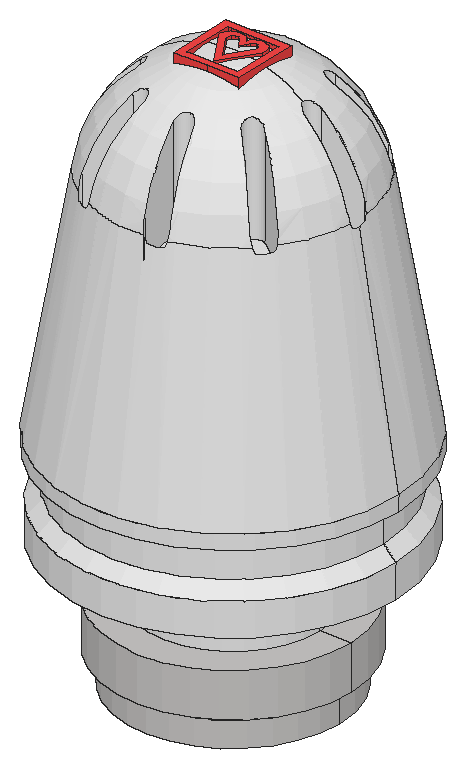
Revit family "HERZ-Mini-Turbo-Design-Thermostatic Sensor M28x1.5 9200 16", category Rohrzubehör, Revit 2018
Family settings
  Bemaßung runder Anschluss = Durchmesser verwenden
  Teiletyp = Normal
  OmniClass-Nummer = 23.65.55.14
  OmniClass-Titel = Valves for Liquid Services
  Arbeitsebenenbasiert = Nein
  Immer vertikal = Nein
  Beim Laden mit Abzugskörper schneiden = Nein
  Gemeinsam genutzt = Nein
Parameters
  URL = "www.herzvalves.com"
  Set value range = "6-28°C"  # constant formula
  S02 = 60 mm  # constant formula
  S01 = 73 mm  # constant formula
  Part number = 1920016  # constant formula
  Operation = "The HERZ thermostat serves as a sensing and control element.\r\nThe volumetric change of the liquid filling in the HERZ hydrosensor moves the thrust spindle of the valve."
  Shut off zero position = "When set to \"0\", the thermostatic valve is shut off and the frost protection is disabled."
  Hersteller = "HERZ Armaturen Ges.m.b.H."  # constant formula
  Hand wheel = "plastic, white"  # constant formula
  Frost protection = 6 °C  # constant formula
  Frost protection setpoint range = "6-28°C"  # constant formula
  Frost protection * = "When set to *, the valve automatically opens at approx.\r\n6 ° C ambient temperature and prevents the system from freezing."
  Application = "For mounting on valves that are designed for thermostatic operation"
Reference planes
  plane 1 "Mitte (Vorne/hinten)": y = 0
  plane 2: z = 0
  plane 3 "Mitte (Links/rechts)": x = 0
Forms (mm)
  Revolve 1, solid, material "Kunststoff weiß", detail levels fine
    sketch origin (0, 0, 0) x (1, 0, 0) y (0, 0, 1)
      loop
        line (0, 0) -> (0, 73)
        arc (0, 73) -> (-11.397, 68.78) -> (-17.297, 58.156) r 17.5
        arc (-17.297, 58.156) -> (-20.011, 42.065) -> (-22.88, 26) r 1681.293
        line (-22.88, 26) -> (-22.88, 24) -> (-20.75, 24) -> (-20.75, 19.25) -> (-22.5, 17.5) -> (-22.5, 13) -> (-12.8, 13)
        arc (-12.8, 13) -> (-12.234, 12.766) -> (-12, 12.2) r 0.8
        line (-12, 12.2) -> (-12, 4.8) -> (-13.2, 4.8) -> (-13.2, 0) -> (0, 0)
      axis (0, 73) -> (0, 0)
    angle from 0 to 360
  Revolve 2, solid, material "Messing verzinkt", detail levels fine
    sketch origin (0, 0, 0) x (1, 0, 0) y (0, 0, 1)
      loop
        line (0, 0) -> (0, 5.5) -> (-16.35, 5.5) -> (-16.35, -0.576) -> (-14.75, -1.5) -> (-14.75, -5) -> (-13.35, -5) -> (-13.35, 0) -> (0, 0)
      axis (0, 5.5) -> (0, -5)
    angle from 0 to 360
  Extrusion 3, void
    sketch origin (0, 0, 0) x (1, 0, 0) y (0, 1, 0)
      loop
        arc (11.027, 1.298) -> (9.8, 0) -> (11.027, -1.298) r 1.3
        line (11.027, -1.298) -> (16.77, -1.62)
        arc (16.77, -1.62) -> (17.178, -1.485) -> (17.384, -1.107) r 0.586
        arc (17.384, -1.107) -> (17.453, 0.011) -> (17.382, 1.129) r 9
        arc (17.382, 1.129) -> (17.183, 1.492) -> (16.79, 1.621) r 0.564
        line (16.79, 1.621) -> (11.027, 1.298)
      loop
        line (9.282, 6.094) -> (13.904, 9.55)
        arc (13.904, 9.55) -> (14.121, 9.902) -> (14.04, 10.308) r 0.564
        arc (14.04, 10.308) -> (13.376, 11.21) -> (12.605, 12.023) r 9
        arc (12.605, 12.023) -> (12.205, 12.18) -> (11.805, 12.021) r 0.586
        line (11.805, 12.021) -> (7.613, 8.082)
        arc (7.613, 8.082) -> (7.507, 6.299) -> (9.282, 6.094) r 1.3
      loop
        arc (0.637, 11.085) -> (1.702, 9.651) -> (3.193, 10.634) r 1.3
        line (3.193, 10.634) -> (4.508, 16.234)
        arc (4.508, 16.234) -> (4.445, 16.659) -> (4.109, 16.928) r 0.586
        arc (4.109, 16.928) -> (3.02, 17.189) -> (1.907, 17.313) r 9
        arc (1.907, 17.313) -> (1.515, 17.181) -> (1.319, 16.816) r 0.564
        line (1.319, 16.816) -> (0.637, 11.085)
      loop
        line (-4.39, 10.199) -> (-6.991, 15.351)
        arc (-6.991, 15.351) -> (-7.3, 15.626) -> (-7.713, 15.617) r 0.564
        arc (-7.713, 15.617) -> (-8.717, 15.12) -> (-9.651, 14.501) r 9
        arc (-9.651, 14.501) -> (-9.875, 14.134) -> (-9.788, 13.713) r 0.586
        line (-9.788, 13.713) -> (-6.638, 8.901)
        arc (-6.638, 8.901) -> (-4.9, 8.487) -> (-4.39, 10.199) r 1.3
      loop
        arc (-10.806, 2.552) -> (-9.209, 3.352) -> (-9.918, 4.991) r 1.3
        line (-9.918, 4.991) -> (-15.204, 7.258)
        arc (-15.204, 7.258) -> (-15.634, 7.271) -> (-15.957, 6.986) r 0.586
        arc (-15.957, 6.986) -> (-16.404, 5.959) -> (-16.719, 4.884) r 9
        arc (-16.719, 4.884) -> (-16.657, 4.475) -> (-16.332, 4.219) r 0.564
        line (-16.332, 4.219) -> (-10.806, 2.552)
      loop
        line (-10.806, -2.552) -> (-16.332, -4.219)
        arc (-16.332, -4.219) -> (-16.657, -4.475) -> (-16.719, -4.884) r 0.564
        arc (-16.719, -4.884) -> (-16.404, -5.959) -> (-15.957, -6.986) r 9
        arc (-15.957, -6.986) -> (-15.634, -7.271) -> (-15.204, -7.258) r 0.586
        line (-15.204, -7.258) -> (-9.918, -4.991)
        arc (-9.918, -4.991) -> (-9.209, -3.352) -> (-10.806, -2.552) r 1.3
      loop
        arc (9.282, -6.094) -> (7.507, -6.299) -> (7.613, -8.082) r 1.3
        line (7.613, -8.082) -> (11.805, -12.021)
        arc (11.805, -12.021) -> (12.205, -12.18) -> (12.605, -12.023) r 0.586
        arc (12.605, -12.023) -> (13.376, -11.21) -> (14.04, -10.308) r 9
        arc (14.04, -10.308) -> (14.121, -9.902) -> (13.904, -9.55) r 0.564
        line (13.904, -9.55) -> (9.282, -6.094)
      loop
        line (0.637, -11.085) -> (1.319, -16.816)
        arc (1.319, -16.816) -> (1.515, -17.181) -> (1.907, -17.313) r 0.564
        arc (1.907, -17.313) -> (3.02, -17.189) -> (4.109, -16.928) r 9
        arc (4.109, -16.928) -> (4.445, -16.659) -> (4.508, -16.234) r 0.586
        line (4.508, -16.234) -> (3.193, -10.634)
        arc (3.193, -10.634) -> (1.702, -9.651) -> (0.637, -11.085) r 1.3
      loop
        arc (-4.39, -10.199) -> (-4.9, -8.487) -> (-6.638, -8.901) r 1.3
        line (-6.638, -8.901) -> (-9.788, -13.713)
        arc (-9.788, -13.713) -> (-9.875, -14.134) -> (-9.651, -14.501) r 0.586
        arc (-9.651, -14.501) -> (-8.717, -15.12) -> (-7.713, -15.617) r 9
        arc (-7.713, -15.617) -> (-7.3, -15.626) -> (-6.991, -15.351) r 0.564
        line (-6.991, -15.351) -> (-4.39, -10.199)
    from 55 to 73
Cuts and joins
  Extrusion 3 cuts Revolve 1
Lines and regions (mm)
  model lines, detail levels coarse+medium
    curve 1: line (0, 0, 0) -> (0, 0, 13)
    curve 2: line (0, -0.017, 0) -> (0, 13, 0)
    curve 3: circle (0, 0, 43) r 30 normal (0, -1, 0)
    curve 4: line (0, 0, 23) -> (0, 0, 63)
    curve 5: line (-17.5, 0, 63) -> (17.5, 0, 63)
    curve 6: circle (0, -0.017, 43) r 30 normal (1, 0, 0)
    curve 7: line (0, -0.017, 23) -> (0, -0.017, 63)
    curve 8: line (0, 17.483, 63) -> (0, -17.517, 63)
    curve 9: circle (0, 43, 0) r 30 normal (0, 0, 1)
    curve 10: line (0, 23, 0) -> (0, 63, 0)
    curve 11: line (-17.5, 63, 0) -> (17.5, 63, 0)
Dimensions and locks
  "S01": curve 3 to plane 2
  "S01": curve 6 to plane 2
  "S01": plane 1 "Mitte (Vorne/hinten)" to curve 9
  "S02": diameter of curve 3
  "S02": diameter of curve 6
  "S02": diameter of curve 9
  aligned and locked: level to plane 2
Automatic sketch dimensions
  Revolve 1 sketch curve to level = 0 mm
  Revolve 1 sketch curve to plane 3 "Mitte (Links/rechts)" = 0 mm  (x2)
  Revolve 1 sketch curve to plane 3 "Mitte (Links/rechts)" = 12 mm
  Revolve 1 sketch curve to Revolve 1 sketch curve = 0.8 mm
  Revolve 1 sketch curve to Revolve 1 sketch curve = 1.2 mm
  Revolve 1 sketch curve to Revolve 1 sketch curve = 7.95 mm
  Revolve 1 sketch curve to Revolve 1 sketch curve = 1.75 mm  (x2)
  Revolve 1 sketch curve to Revolve 1 sketch curve = 2.13 mm
  level to Revolve 1 sketch curve = 329.658 mm
  Revolve 1 sketch curve to plane 3 "Mitte (Links/rechts)" = 1676.524 mm
  level to Revolve 1 sketch curve = 4.8 mm
  Revolve 1 sketch curve to Revolve 1 sketch curve = 7.4 mm
  Revolve 1 sketch curve to Revolve 1 sketch curve = 4.5 mm
  Revolve 1 sketch curve to Revolve 1 sketch curve = 4.75 mm
  Revolve 1 sketch curve to Revolve 1 sketch curve = 2 mm
  Revolve 1 sketch curve to Revolve 1 sketch curve = 29.5 mm
  Revolve 1 sketch curve to Revolve 1 sketch curve = 17.5 mm
  Revolve 1 sketch curve to level = 366.045 mm
  Revolve 1 sketch curve to Revolve 1 sketch curve = 2141.315 mm
  Revolve 2 sketch curve to level = 0 mm
  Revolve 2 sketch curve to plane 3 "Mitte (Links/rechts)" = 0 mm  (x2)
  Revolve 2 sketch curve to level = 5 mm
  Revolve 2 sketch curve to plane 3 "Mitte (Links/rechts)" = 13.35 mm
  Revolve 2 sketch curve to Revolve 2 sketch curve = 1.4 mm
  Revolve 2 sketch curve to level = 0.576 mm
  Revolve 2 sketch curve to Revolve 2 sketch curve = 1.6 mm
  Revolve 2 sketch curve to level = 1.5 mm
  level to Revolve 2 sketch curve = 5.5 mm
  Revolve 2 sketch curve to Revolve 2 sketch curve = 361.045 mm
  Revolve 2 sketch curve to Revolve 2 sketch curve = 2208.815 mm
  plane 1 "Mitte (Vorne/hinten)" to Extrusion 3 sketch curve = 0 mm  (x2)
  Extrusion 3 sketch curve to plane 1 "Mitte (Vorne/hinten)" = 4.219 mm
  Extrusion 3 sketch curve to plane 3 "Mitte (Links/rechts)" = 16.332 mm
  plane 1 "Mitte (Vorne/hinten)" to Extrusion 3 sketch curve = 4.219 mm
  Extrusion 3 sketch curve to Extrusion 3 sketch curve = 0 mm  (x11)
  Extrusion 3 sketch curve to Extrusion 3 sketch curve = 0.163 mm  (x2)
  Extrusion 3 sketch curve to Extrusion 3 sketch curve = 0.734 mm  (x2)
  plane 1 "Mitte (Vorne/hinten)" to Extrusion 3 sketch curve = 7.258 mm
  Extrusion 3 sketch curve to Extrusion 3 sketch curve = 0.231 mm  (x2)
  Extrusion 3 sketch curve to plane 1 "Mitte (Vorne/hinten)" = 7.258 mm
  plane 1 "Mitte (Vorne/hinten)" to Extrusion 3 sketch curve = 2.552 mm
  Extrusion 3 sketch curve to Extrusion 3 sketch curve = 5.526 mm
  Extrusion 3 sketch curve to plane 1 "Mitte (Vorne/hinten)" = 2.552 mm
  Extrusion 3 sketch curve to Extrusion 3 sketch curve = 0.375 mm  (x2)
  Extrusion 3 sketch curve to Extrusion 3 sketch curve = 0.512 mm  (x2)
  Extrusion 3 sketch curve to Extrusion 3 sketch curve = 5.416 mm  (x2)
  Extrusion 3 sketch curve to Extrusion 3 sketch curve = 0.49 mm  (x2)
  Extrusion 3 sketch curve to Extrusion 3 sketch curve = 2.488 mm  (x2)
  Extrusion 3 sketch curve to Extrusion 3 sketch curve = 1.803 mm  (x2)
  Extrusion 3 sketch curve to Extrusion 3 sketch curve = 0.504 mm  (x2)
  Extrusion 3 sketch curve to Extrusion 3 sketch curve = 3.281 mm  (x2)
  Extrusion 3 sketch curve to Extrusion 3 sketch curve = 1.088 mm  (x2)
  Extrusion 3 sketch curve to Extrusion 3 sketch curve = 1.16 mm  (x2)
  Extrusion 3 sketch curve to Extrusion 3 sketch curve = 1.324 mm  (x2)
  plane 3 "Mitte (Links/rechts)" to Extrusion 3 sketch curve = 0.637 mm  (x2)
  plane 3 "Mitte (Links/rechts)" to Extrusion 3 sketch curve = 1.319 mm  (x2)
  plane 3 "Mitte (Links/rechts)" to Extrusion 3 sketch curve = 1.468 mm  (x2)
  Extrusion 3 sketch curve to Extrusion 3 sketch curve = 0.561 mm  (x2)
  Extrusion 3 sketch curve to Extrusion 3 sketch curve = 1.291 mm  (x2)
  Extrusion 3 sketch curve to Extrusion 3 sketch curve = 1.266 mm  (x2)
  Extrusion 3 sketch curve to Extrusion 3 sketch curve = 2.058 mm  (x2)
  Extrusion 3 sketch curve to Extrusion 3 sketch curve = 0.57 mm  (x2)
  Extrusion 3 sketch curve to Extrusion 3 sketch curve = 5.007 mm  (x2)
  Extrusion 3 sketch curve to Extrusion 3 sketch curve = 1.138 mm  (x2)
  Extrusion 3 sketch curve to Extrusion 3 sketch curve = 1.978 mm
  Extrusion 3 sketch curve to Extrusion 3 sketch curve = 0.89 mm  (x2)
  Extrusion 3 sketch curve to Extrusion 3 sketch curve = 0.779 mm  (x2)
  plane 1 "Mitte (Vorne/hinten)" to Extrusion 3 sketch curve = 1.298 mm
  Extrusion 3 sketch curve to Extrusion 3 sketch curve = 2.575 mm
  Extrusion 3 sketch curve to Extrusion 3 sketch curve = 0.073 mm
  Extrusion 3 sketch curve to Extrusion 3 sketch curve = 4.192 mm  (x2)
  Extrusion 3 sketch curve to Extrusion 3 sketch curve = 0.401 mm  (x2)
  Extrusion 3 sketch curve to Extrusion 3 sketch curve = 1.36 mm  (x2)
  Extrusion 3 sketch curve to Extrusion 3 sketch curve = 0.338 mm  (x2)
  plane 1 "Mitte (Vorne/hinten)" to Extrusion 3 sketch curve = 1.62 mm
  Extrusion 3 sketch curve to Extrusion 3 sketch curve = 5.743 mm
  Extrusion 3 sketch curve to plane 1 "Mitte (Vorne/hinten)" = 1.621 mm
  Extrusion 3 sketch curve to Extrusion 3 sketch curve = 0.02 mm
  Extrusion 3 sketch curve to Extrusion 3 sketch curve = 0.033 mm
  Extrusion 3 sketch curve to Extrusion 3 sketch curve = 0.032 mm
  plane 1 "Mitte (Vorne/hinten)" to Extrusion 3 sketch curve = 7.32 mm
  Extrusion 3 sketch curve to Extrusion 3 sketch curve = 6.784 mm
  Extrusion 3 sketch curve to Extrusion 3 sketch curve = 1.004 mm
  Extrusion 3 sketch curve to Extrusion 3 sketch curve = 1.581 mm  (x2)
  Extrusion 3 sketch curve to Extrusion 3 sketch curve = 1.468 mm
  Extrusion 3 sketch curve to Extrusion 3 sketch curve = 0.712 mm  (x2)
  Extrusion 3 sketch curve to Extrusion 3 sketch curve = 0.452 mm  (x2)
  Extrusion 3 sketch curve to Extrusion 3 sketch curve = 2.31 mm  (x2)
  Extrusion 3 sketch curve to Extrusion 3 sketch curve = 0.297 mm  (x2)
  Extrusion 3 sketch curve to Extrusion 3 sketch curve = 1.591 mm  (x2)
  Extrusion 3 sketch curve to Extrusion 3 sketch curve = 0.427 mm  (x2)
  Extrusion 3 sketch curve to Extrusion 3 sketch curve = 4.812 mm  (x2)
  Extrusion 3 sketch curve to Extrusion 3 sketch curve = 0.321 mm  (x2)
  Extrusion 3 sketch curve to Extrusion 3 sketch curve = 1.063 mm  (x2)
  Extrusion 3 sketch curve to Extrusion 3 sketch curve = 0.254 mm  (x2)
  Extrusion 3 sketch curve to Extrusion 3 sketch curve = 5.599 mm  (x2)
  Extrusion 3 sketch curve to Extrusion 3 sketch curve = 0.134 mm  (x2)
  Extrusion 3 sketch curve to Extrusion 3 sketch curve = 0.382 mm  (x2)
  Extrusion 3 sketch curve to Extrusion 3 sketch curve = 0.067 mm  (x2)
  Extrusion 3 sketch curve to Extrusion 3 sketch curve = 0.947 mm
  Extrusion 3 sketch curve to Extrusion 3 sketch curve = 0.539 mm  (x2)
  Extrusion 3 sketch curve to Extrusion 3 sketch curve = 1.702 mm
  Extrusion 3 sketch curve to Extrusion 3 sketch curve = 2.439 mm
  Extrusion 3 sketch curve to Extrusion 3 sketch curve = 0.54 mm  (x2)
  Extrusion 3 sketch curve to Extrusion 3 sketch curve = 0.905 mm
  Extrusion 3 sketch curve to Extrusion 3 sketch curve = 0.585 mm
  Extrusion 3 sketch curve to Extrusion 3 sketch curve = 0.564 mm
  Extrusion 3 sketch curve to Extrusion 3 sketch curve = 0.339 mm
  Extrusion 3 sketch curve to Extrusion 3 sketch curve = 1.245 mm
  Extrusion 3 sketch curve to plane 1 "Mitte (Vorne/hinten)" = 5.433 mm
  Extrusion 3 sketch curve to Extrusion 3 sketch curve = 0.661 mm
  Extrusion 3 sketch curve to Extrusion 3 sketch curve = 1.041 mm
  Extrusion 3 sketch curve to Extrusion 3 sketch curve = 4.429 mm
  Extrusion 3 sketch curve to Extrusion 3 sketch curve = 2.891 mm
  Extrusion 3 sketch curve to Extrusion 3 sketch curve = 3.456 mm
  Extrusion 3 sketch curve to plane 1 "Mitte (Vorne/hinten)" = 1.298 mm  (x2)
  plane 1 "Mitte (Vorne/hinten)" to curve 6 = 0.017 mm
  plane 1 "Mitte (Vorne/hinten)" to curve 7 = 0.017 mm
  curve 8 to curve 7 = 17.5 mm
  curve 8 to plane 1 "Mitte (Vorne/hinten)" = 17.483 mm
  curve 7 to curve 6 = 20 mm
  curve 6 to curve 8 = 20 mm
  curve 3 to plane 3 "Mitte (Links/rechts)" = 0 mm
  curve 4 to plane 3 "Mitte (Links/rechts)" = 0 mm
  curve 1 to plane 3 "Mitte (Links/rechts)" = 0 mm
  curve 1 to level = 0 mm
  curve 5 to curve 4 = 17.5 mm
  plane 3 "Mitte (Links/rechts)" to curve 5 = 17.5 mm
  curve 1 to curve 4 = 10 mm
  curve 3 to curve 5 = 20 mm
  curve 9 to plane 3 "Mitte (Links/rechts)" = 0 mm
  curve 10 to plane 3 "Mitte (Links/rechts)" = 0 mm
  curve 2 to plane 3 "Mitte (Links/rechts)" = 0 mm
  curve 11 to curve 10 = 17.5 mm
  plane 3 "Mitte (Links/rechts)" to curve 11 = 17.5 mm
  plane 1 "Mitte (Vorne/hinten)" to curve 2 = 0.017 mm
  curve 2 to curve 10 = 10 mm
  curve 9 to curve 11 = 20 mm
Nested families
  nested 1: "Herz-Logo" at (0, 0, 71.5), type "Herz-Logo", detail levels fine
Definition of nested family "Herz-Logo"
  Reference planes
    plane 1 "Mitte (Vorne/hinten)": y = 0
    plane 2: z = 0
    plane 3 "Mitte (Links/rechts)": x = 0
  Forms (mm)
    Extrusion 1, solid
      sketch origin (0, 0, 0) x (1, 0, 0) y (0, 1, 0)
        loop
          line (-0.018, -4.517) -> (4.482, -4.517) -> (4.482, 4.483) -> (-4.518, 4.483) -> (-4.518, -4.517) -> (-0.018, -4.517)
        loop
          line (-0.05, -3.48) -> (3.482, -3.48) -> (3.482, 3.483) -> (-3.518, 3.483) -> (-3.518, -3.48) -> (-0.05, -3.48)
        loop
          arc (-0.018, 2.383) -> (-1.543, 3.287) -> (-3.067, 2.383) r 1.738
          arc (-3.067, 2.383) -> (-3.191, 1.899) -> (-3.067, 1.415) r 1.009
          line (-3.067, 1.415) -> (-0.018, -3.281) -> (3.032, 1.415)
          arc (3.032, 1.415) -> (3.156, 1.899) -> (3.032, 2.383) r 1.009
          arc (3.032, 2.383) -> (1.507, 3.287) -> (-0.018, 2.383) r 1.738
        loop
          arc (1.885, 1.272) -> (2.005, 1.675) -> (1.885, 2.079) r 0.74
          arc (1.885, 2.079) -> (1.265, 2.416) -> (0.644, 2.079) r 0.74
          line (0.644, 2.079) -> (-0.018, 0.97) -> (-0.679, 2.079)
          arc (-0.679, 2.079) -> (-1.3, 2.416) -> (-1.921, 2.079) r 0.74
          arc (-1.921, 2.079) -> (-2.04, 1.675) -> (-1.921, 1.272) r 0.74
          line (-1.921, 1.272) -> (-0.018, -1.658) -> (1.885, 1.272)
      from 0 to 1.5
  Dimensions and locks
    aligned and locked: level to plane 2
